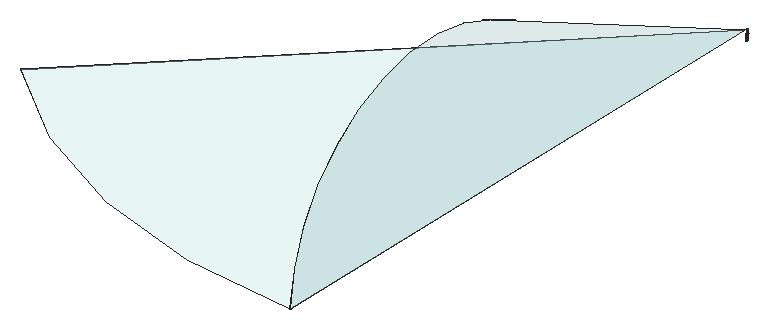
Revit family "Rotor 5000 Series - 5004+FCSAMR", category Acessórios do tubo, Revit 2020
Family settings
  Cota do conector redondo = Utilizar diâmetro
  Tipo de parte = Normal
  Número OmniClass = 23.60.30.11.14
  Título OmniClass = Pipework Fittings
  Com base no plano de trabalho = Não
  Sempre na vertical = Sim
  Corte com vazios quando carregada = Não
  Compartilhado = Não
Parameters (values of type "Rain Curtain 6.0")
  Water = Water
  URL = "https://www.rainbird.com/"
  TABLE 65 = "TABLE 65psi"
  TABLE 55 75 = "TABLE 55 75psi"
  TABLE 55 = "TABLE 55psi"
  TABLE 45 = "TABLE 45psi"
  TABLE 35 = "TABLE 35psi"
  TABLE 25 = "TABLE 25psi"
  SupportProjetos: Reviw Date = ""  # constant formula
  SupportProjetos: Reviw = "R00"  # constant formula
  SupportProjetos: Level of Detail = "LOD 300"  # constant formula
  SupportProjetos: Developed = "MICHEL SOARES MOTA"  # constant formula
  SupportProjetos: Creation Date = "07/08/2020"  # constant formula
  Side inlet = no
  Rotation Water Visibility [instance] = Pop up on  # yes
  Rotation Angle [instance] = 45.00°
  RainBird: Product Link = "https://www.rainbird.com/"
  RainBird: Description = "5004+FC-SAM-R Rotor "  # constant formula
  RainBird: Comment [instance] = ""
  RainBird: Code = ""  # constant formula
  Radius [instance] = if(and(Pressure = 25.0 psi, Instance < 25 ft), size_lookup(TABLE 25, "Radius", 0 ft, Instance), if(and(Pressure = 35.0 psi, Instance < 25 ft), size_lookup(TABLE 35, "Radius", 0 ft, Instance), if(and(Pressure = 45.0 psi, Instance < 25 ft), size_lookup(TABLE 45, "Radius", 0 ft, Instance), if(and(Pressure = 55.0 psi, Instance < 13 ft), size_lookup(TABLE 55, "Radius", 0 ft, Instance), if(and(Pressure = 65.0 psi, Instance < 13 ft), size_lookup(TABLE 65, "Radius", 0 ft, Instance), if(and(Pressure > 55.0 psi, Instance > 13 ft), size_lookup(TABLE 55 75, "Radius", 0 ft, Instance), 0 ft))))))  # 50 ft
  RT = 0.009893 ft
  RN = 0.032808 ft
  R5 = 0.03937 ft
  R4 = 0.04101 ft
  R3 = 0.065617 ft
  R2 = 0.075407 ft
  R1 = 0.032808 ft
  Pressure [instance] = 55.0 psi
  Pop up height = 0.334646 ft
  Pop up on [instance] = yes
  Modelo = "5004+FCSAMR"  # constant formula
  Instance = 7 ft
  H1 = Body height / 3  # 0.194663 ft
  Flow [instance] = if(and(Pressure = 25.0 psi, Instance < 25 ft), size_lookup(TABLE 25, "Flow", 0.0 GPM, Instance), if(and(Pressure = 35.0 psi, Instance < 25 ft), size_lookup(TABLE 35, "Flow", 0.0 GPM, Instance), if(and(Pressure = 45.0 psi, Instance < 25 ft), size_lookup(TABLE 45, "Flow", 0.0 GPM, Instance), if(and(Pressure = 55.0 psi, Instance < 13 ft), size_lookup(TABLE 55, "Flow", 0.0 GPM, Instance), if(and(Pressure = 65.0 psi, Instance < 13 ft), size_lookup(TABLE 65, "Flow", 0.0 GPM, Instance), if(and(Pressure > 55.0 psi, Instance > 13 ft), size_lookup(TABLE 55 75, "Flow", 0.0 GPM, Instance), 0.0 GPM))))))  # 6.63 GPM
  Fabricante = "Rain Bird"
  Elevação padrão = 0 ft
  Description = RainBird: Description  # "5004+FC-SAM-R Rotor "
  DD13 = 0.002625 ft
  DD12 = 0.003937 ft
  DD11 = 0.009897 ft
  DD10 = 0.016404 ft
  DD8 [instance] = if(Pop up on, Pop up height, 0 ft)  # 0.334646 ft
  DD7 = 0.019685 ft
  DD6 [instance] = 0.016404 ft
  DD5 = 0.065617 ft
  DD4 = 0.032808 ft
  DD3 = 0.091048 ft
  DD2 [instance] = 0.024514 ft
  DD9 [instance] = if(Pop up on, Pop up height + 0.049541 ft, 0 ft)  # 0.384186 ft
  DD1 = 0.006562 ft
  Conection = 0.062664 ft  # constant formula
  Body height = 0.58399 ft
  Blue = Blue Plastic
  Black Plastic = Black Plastic
  Angle = 25.00°
Types (25, lengths in ft): name | Rotation Angle | Radius | Pressure | Instance | Flow
  (no name) | 45.00° | 50 | 55.0 psi | 7 | 6.63 GPM
  Rain Curtain 1.5 | 180.00° | 33 | 25.0 psi | 1 | 1.12 GPM
  Rain Curtain 2.0 | 180.00° | 35 | 25.0 psi | 2 | 1.5 GPM
  Rain Curtain 3.0 | 180.00° | 36 | 25.0 psi | 4 | 2.26 GPM
  Rain Curtain 4.0 | 180.00° | 36 | 25.0 psi | 5 | 2.91 GPM
  Rain Curtain 5.0 | 180.00° | 37 | 25.0 psi | 6 | 3.72 GPM
  Rain Curtain 6.0 | 45.00° | 50 | 55.0 psi | 7 | 6.63 GPM
  Rain Curtain 8.0 | 180.00° | 33 | 25.0 psi | 8 | 5.9 GPM
  Rain Curtain 2.5 | 180.00° | 35 | 25.0 psi | 3 | 1.81 GPM
  1.0 LA | 180.00° | 25 | 25.0 psi | 9 | 0.76 GPM
  1.5 LA | 180.00° | 27 | 25.0 psi | 10 | 1.15 GPM
  2.0 LA | 180.00° | 29 | 25.0 psi | 11 | 1.47 GPM
  3.0 LA | 180.00° | 29 | 25.0 psi | 12 | 2.23 GPM
  PRS Rain Curtain 1.5 | 180.00° | 33 | 25.0 psi | 13 | 1.12 GPM
  PRS Rain Curtain 2.0 | 180.00° | 35 | 25.0 psi | 14 | 1.5 GPM
  PRS Rain Curtain 2.5 | 180.00° | 35 | 25.0 psi | 15 | 1.81 GPM
  PRS Rain Curtain 3.0 | 180.00° | 36 | 25.0 psi | 16 | 2.26 GPM
  PRS Rain Curtain 4.0 | 180.00° | 36 | 25.0 psi | 17 | 2.91 GPM
  PRS Rain Curtain 5.0 | 180.00° | 37 | 25.0 psi | 18 | 3.72 GPM
  PRS Rain Curtain 6.0 | 180.00° | 37 | 25.0 psi | 19 | 4.25 GPM
  PRS Rain Curtain 8.0 | 180.00° | 33 | 25.0 psi | 20 | 5.9 GPM
  PRS 1.0 LA | 180.00° | 25 | 25.0 psi | 21 | 0.76 GPM
  PRS 1.5 LA | 180.00° | 27 | 25.0 psi | 22 | 1.15 GPM
  PRS 2.0 LA | 180.00° | 29 | 25.0 psi | 23 | 1.47 GPM
  PRS 3.0 LA | 180.00° | 29 | 25.0 psi | 24 | 2.23 GPM
Reference planes (ft)
  plane 1 "Centro (Frente/Trás)": y = 0
  plane 2: z = 0
  plane 3 "Centro (Esquerda/Direita)": x = 0
  plane 4: z = 0.003937
  plane 5: z = 0.002625
  plane 6: y = -0.065617
Forms (ft)
  Revolve 1, solid, material "Black Plastic" <- "Black Plastic"
    sketch origin (0, 0, 0) x (1, 0, 0) y (0, 0, 1)
      loop
        line (0.075407, -0.091048) -> (0.075407, -0.035324)
        arc (0.075407, -0.035324) -> (0.072509, -0.028329) -> (0.065514, -0.025431) r 0.009893
        line (0.065514, -0.025431) -> (0.046098, -0.025431) -> (0.046098, 0) -> (0.03937, 0) -> (0.03937, -0.334646) -> (0.019685, -0.334646) -> (0.019685, -0.577428) -> (0.032808, -0.577428) -> (0.032808, -0.58399) -> (0.04101, -0.58399) -> (0.04101, -0.577428) -> (0.055724, -0.577428)
        arc (0.055724, -0.577428) -> (0.062719, -0.57453) -> (0.065617, -0.567535) r 0.009893
        line (0.065617, -0.567535) -> (0.065617, -0.091048) -> (0.075407, -0.091048)
      axis (0, -0.58399) -> (0, 0)
    angle from 0 to 360
  Extrusion 2, solid, material "Black Plastic" <- "Black Plastic"
    sketch origin (0, 0, 0) x (1, 0, 0) y (0, 1, 0)
      loop
        circle (0, 0) r 0.032808
    from -0.334646 to 0.334646
  Extrusion 3, void
    sketch origin (0, 0, 0) x (1, 0, 0) y (0, 1, 0)
      loop
        circle (0, 0) r 0.022844
    from -0.334646 to 0.334646
  Revolve 4, solid, material "Black Plastic" <- "Black Plastic"
    sketch origin (0, 0, 0) x (1, 0, 0) y (0, 0, 1)
      loop
        line (0, 0.334646) -> (0.037004, 0.334646) -> (0.037004, 0.344543)
        arc (0.037004, 0.344543) -> (0.01879, 0.349436) -> (0, 0.35105) r 0.10685
        line (0, 0.35105) -> (0, 0.334646)
      axis (0, 0.334646) -> (0, 0.35105)
    angle from 0 to 360
  Extrusion 5, solid, material "Blue Plastic" <- "Blue"
    sketch origin (0, 0, 0) x (1, 0, 0) y (0, 0, 1)
      loop
        circle (0, 0.310131) r 0.009129
      loop
        circle (0, 0.310131) r 0.004793
    from 0 to 0.034386
  Extrusion 6, void
    sketch origin (0, 0, 0) x (1, 0, 0) y (0, 0, 1)
      loop
        line (-0.02074, 0.328055) -> (-0.02074, 0.282426) -> (0.020672, 0.282426) -> (0.020672, 0.328055) -> (-0.02074, 0.328055)
      loop
        line (-0.018439, 0.325179) -> (-0.018439, 0.285685) -> (0.018179, 0.285685) -> (0.018179, 0.325179) -> (-0.018439, 0.325179)
    from 0.024556 to 0.06931
  Extrusion 7, solid, material "Black Plastic" <- "Black Plastic"
    sketch origin (0, 0, 0) x (1, 0, 0) y (0, 0, 1)
      loop
        line (0.046098, 0) -> (0.046098, -0.036876) -> (0.073493, -0.036876) -> (0.046098, 0)
    from -0.002998 to 0.002998
  Extrusion 8, solid, material "Black Plastic" <- "Black Plastic"
    sketch origin (0, 0, 0) x (-1, 0, 0) y (0, 0, -1)
      loop
        line (0.046098, 0) -> (0.073493, 0.036876) -> (0.046098, 0.036876) -> (0.046098, 0)
    from -0.002998 to 0.002998
  Extrusion 9, solid, material "Black Plastic" <- "Black Plastic"
    sketch origin (0, 0, 0) x (0.866025, 0.5, 0) y (0, 0, 1)
      loop
        line (0.046098, 0) -> (0.046098, -0.036876) -> (0.073493, -0.036876) -> (0.046098, 0)
    from -0.002998 to 0.002998
  Extrusion 10, solid, material "Black Plastic" <- "Black Plastic"
    sketch origin (0, 0, 0) x (-0.866025, -0.5, 0) y (0, 0, -1)
      loop
        line (0.046098, 0) -> (0.073493, 0.036876) -> (0.046098, 0.036876) -> (0.046098, 0)
    from -0.002998 to 0.002998
  Extrusion 11, solid, material "Black Plastic" <- "Black Plastic"
    sketch origin (0, 0, 0) x (0, 1, 0) y (0, 0, 1)
      loop
        line (0.046098, 0) -> (0.046098, -0.036876) -> (0.073493, -0.036876) -> (0.046098, 0)
    from -0.002998 to 0.002998
  Extrusion 12, solid, material "Black Plastic" <- "Black Plastic"
    sketch origin (0, 0, 0) x (0, -1, 0) y (0, 0, -1)
      loop
        line (0.046098, 0) -> (0.073493, 0.036876) -> (0.046098, 0.036876) -> (0.046098, 0)
    from -0.002998 to 0.002998
  Extrusion 13, solid, material "Black Plastic" <- "Black Plastic"
    sketch origin (0, 0, 0) x (0.5, 0.866025, 0) y (0, 0, 1)
      loop
        line (0.046098, 0) -> (0.046098, -0.036876) -> (0.073493, -0.036876) -> (0.046098, 0)
    from -0.002998 to 0.002998
  Extrusion 14, solid, material "Black Plastic" <- "Black Plastic"
    sketch origin (0, 0, 0) x (-0.5, -0.866025, 0) y (0, 0, -1)
      loop
        line (0.046098, 0) -> (0.073493, 0.036876) -> (0.046098, 0.036876) -> (0.046098, 0)
    from -0.002998 to 0.002998
  Extrusion 15, solid, material "Black Plastic" <- "Black Plastic"
    sketch origin (0, 0, 0) x (-0.5, 0.866025, 0) y (0, 0, 1)
      loop
        line (0.046098, 0) -> (0.046098, -0.036876) -> (0.073493, -0.036876) -> (0.046098, 0)
    from -0.002998 to 0.002998
  Extrusion 16, solid, material "Black Plastic" <- "Black Plastic"
    sketch origin (0, 0, 0) x (0.5, -0.866025, 0) y (0, 0, -1)
      loop
        line (0.046098, 0) -> (0.073493, 0.036876) -> (0.046098, 0.036876) -> (0.046098, 0)
    from -0.002998 to 0.002998
  Extrusion 17, solid, material "Black Plastic" <- "Black Plastic"
    sketch origin (0, 0, 0) x (-0.866025, 0.5, 0) y (0, 0, 1)
      loop
        line (0.046098, 0) -> (0.046098, -0.036876) -> (0.073493, -0.036876) -> (0.046098, 0)
    from -0.002998 to 0.002998
  Extrusion 18, solid, material "Black Plastic" <- "Black Plastic"
    sketch origin (0, 0, 0) x (0.866025, -0.5, 0) y (0, 0, -1)
      loop
        line (0.046098, 0) -> (0.073493, 0.036876) -> (0.046098, 0.036876) -> (0.046098, 0)
    from -0.002998 to 0.002998
  Extrusion 19, void
    sketch origin (0, 0, 0) x (1, 0, 0) y (0, 1, 0)
      loop
        line (-0.002998, 0.077702) -> (-0.002998, 0.071655) -> (0.002998, 0.071655) -> (0.002998, 0.077702) -> (-0.002998, 0.077702)
    from -0.091048 to 0.82021
  Extrusion 20, void
    sketch origin (0, 0, 0) x (1, 0, 0) y (0, 1, 0)
      loop
        line (0.002998, -0.077702) -> (0.002998, -0.071655) -> (-0.002998, -0.071655) -> (-0.002998, -0.077702) -> (0.002998, -0.077702)
    from -0.091048 to 0.82021
  Extrusion 21, void
    sketch origin (0, 0, 0) x (0.965926, 0.258819, 0) y (-0.258819, 0.965926, 0)
      loop
        line (-0.002998, 0.077702) -> (-0.002998, 0.071655) -> (0.002998, 0.071655) -> (0.002998, 0.077702) -> (-0.002998, 0.077702)
    from -0.091048 to 0.82021
  Extrusion 22, void
    sketch origin (0, 0, 0) x (0.965926, 0.258819, 0) y (-0.258819, 0.965926, 0)
      loop
        line (0.002998, -0.077702) -> (0.002998, -0.071655) -> (-0.002998, -0.071655) -> (-0.002998, -0.077702) -> (0.002998, -0.077702)
    from -0.091048 to 0.82021
  Extrusion 23, void
    sketch origin (0, 0, 0) x (0.866025, 0.5, 0) y (-0.5, 0.866025, 0)
      loop
        line (-0.002998, 0.077702) -> (-0.002998, 0.071655) -> (0.002998, 0.071655) -> (0.002998, 0.077702) -> (-0.002998, 0.077702)
    from -0.091048 to 0.82021
  Extrusion 24, void
    sketch origin (0, 0, 0) x (0.866025, 0.5, 0) y (-0.5, 0.866025, 0)
      loop
        line (0.002998, -0.077702) -> (0.002998, -0.071655) -> (-0.002998, -0.071655) -> (-0.002998, -0.077702) -> (0.002998, -0.077702)
    from -0.091048 to 0.82021
  Extrusion 25, void
    sketch origin (0, 0, 0) x (0.5, 0.866025, 0) y (-0.866025, 0.5, 0)
      loop
        line (-0.002998, 0.077702) -> (-0.002998, 0.071655) -> (0.002998, 0.071655) -> (0.002998, 0.077702) -> (-0.002998, 0.077702)
    from -0.091048 to 0.82021
  Extrusion 26, void
    sketch origin (0, 0, 0) x (0.5, 0.866025, 0) y (-0.866025, 0.5, 0)
      loop
        line (0.002998, -0.077702) -> (0.002998, -0.071655) -> (-0.002998, -0.071655) -> (-0.002998, -0.077702) -> (0.002998, -0.077702)
    from -0.091048 to 0.82021
  Extrusion 27, void
    sketch origin (0, 0, 0) x (0.707107, 0.707107, 0) y (-0.707107, 0.707107, 0)
      loop
        line (-0.002998, 0.077702) -> (-0.002998, 0.071655) -> (0.002998, 0.071655) -> (0.002998, 0.077702) -> (-0.002998, 0.077702)
    from -0.091048 to 0.82021
  Extrusion 28, void
    sketch origin (0, 0, 0) x (0.707107, 0.707107, 0) y (-0.707107, 0.707107, 0)
      loop
        line (0.002998, -0.077702) -> (0.002998, -0.071655) -> (-0.002998, -0.071655) -> (-0.002998, -0.077702) -> (0.002998, -0.077702)
    from -0.091048 to 0.82021
  Extrusion 29, void
    sketch origin (0, 0, 0) x (0.258819, 0.965926, 0) y (-0.965926, 0.258819, 0)
      loop
        line (-0.002998, 0.077702) -> (-0.002998, 0.071655) -> (0.002998, 0.071655) -> (0.002998, 0.077702) -> (-0.002998, 0.077702)
    from -0.091048 to 0.82021
  Extrusion 30, void
    sketch origin (0, 0, 0) x (0.258819, 0.965926, 0) y (-0.965926, 0.258819, 0)
      loop
        line (0.002998, -0.077702) -> (0.002998, -0.071655) -> (-0.002998, -0.071655) -> (-0.002998, -0.077702) -> (0.002998, -0.077702)
    from -0.091048 to 0.82021
  Extrusion 31, void
    sketch origin (0, 0, 0) x (0, 1, 0) y (-1, 0, 0)
      loop
        line (-0.002998, 0.077702) -> (-0.002998, 0.071655) -> (0.002998, 0.071655) -> (0.002998, 0.077702) -> (-0.002998, 0.077702)
    from -0.091048 to 0.82021
  Extrusion 32, void
    sketch origin (0, 0, 0) x (0, 1, 0) y (-1, 0, 0)
      loop
        line (0.002998, -0.077702) -> (0.002998, -0.071655) -> (-0.002998, -0.071655) -> (-0.002998, -0.077702) -> (0.002998, -0.077702)
    from -0.091048 to 0.82021
  Extrusion 33, void
    sketch origin (0, 0, 0) x (-0.258819, 0.965926, 0) y (-0.965926, -0.258819, 0)
      loop
        line (-0.002998, 0.077702) -> (-0.002998, 0.071655) -> (0.002998, 0.071655) -> (0.002998, 0.077702) -> (-0.002998, 0.077702)
    from -0.091048 to 0.82021
  Extrusion 34, void
    sketch origin (0, 0, 0) x (-0.258819, 0.965926, 0) y (-0.965926, -0.258819, 0)
      loop
        line (0.002998, -0.077702) -> (0.002998, -0.071655) -> (-0.002998, -0.071655) -> (-0.002998, -0.077702) -> (0.002998, -0.077702)
    from -0.091048 to 0.82021
  Extrusion 35, void
    sketch origin (0, 0, 0) x (-0.5, 0.866025, 0) y (-0.866025, -0.5, 0)
      loop
        line (-0.002998, 0.077702) -> (-0.002998, 0.071655) -> (0.002998, 0.071655) -> (0.002998, 0.077702) -> (-0.002998, 0.077702)
    from -0.091048 to 0.82021
  Extrusion 36, void
    sketch origin (0, 0, 0) x (-0.5, 0.866025, 0) y (-0.866025, -0.5, 0)
      loop
        line (0.002998, -0.077702) -> (0.002998, -0.071655) -> (-0.002998, -0.071655) -> (-0.002998, -0.077702) -> (0.002998, -0.077702)
    from -0.091048 to 0.82021
  Extrusion 37, void
    sketch origin (0, 0, 0) x (-0.707107, 0.707107, 0) y (-0.707107, -0.707107, 0)
      loop
        line (-0.002998, 0.077702) -> (-0.002998, 0.071655) -> (0.002998, 0.071655) -> (0.002998, 0.077702) -> (-0.002998, 0.077702)
    from -0.091048 to 0.82021
  Extrusion 38, void
    sketch origin (0, 0, 0) x (-0.707107, 0.707107, 0) y (-0.707107, -0.707107, 0)
      loop
        line (0.002998, -0.077702) -> (0.002998, -0.071655) -> (-0.002998, -0.071655) -> (-0.002998, -0.077702) -> (0.002998, -0.077702)
    from -0.091048 to 0.82021
  Extrusion 39, void
    sketch origin (0, 0, 0) x (-0.866025, 0.5, 0) y (-0.5, -0.866025, 0)
      loop
        line (-0.002998, 0.077702) -> (-0.002998, 0.071655) -> (0.002998, 0.071655) -> (0.002998, 0.077702) -> (-0.002998, 0.077702)
    from -0.091048 to 0.82021
  Extrusion 40, void
    sketch origin (0, 0, 0) x (-0.866025, 0.5, 0) y (-0.5, -0.866025, 0)
      loop
        line (0.002998, -0.077702) -> (0.002998, -0.071655) -> (-0.002998, -0.071655) -> (-0.002998, -0.077702) -> (0.002998, -0.077702)
    from -0.091048 to 0.82021
  Extrusion 41, void
    sketch origin (0, 0, 0) x (-0.965926, 0.258819, 0) y (-0.258819, -0.965926, 0)
      loop
        line (-0.002998, 0.077702) -> (-0.002998, 0.071655) -> (0.002998, 0.071655) -> (0.002998, 0.077702) -> (-0.002998, 0.077702)
    from -0.091048 to 0.82021
  Extrusion 42, void
    sketch origin (0, 0, 0) x (-0.965926, 0.258819, 0) y (-0.258819, -0.965926, 0)
      loop
        line (0.002998, -0.077702) -> (0.002998, -0.071655) -> (-0.002998, -0.071655) -> (-0.002998, -0.077702) -> (0.002998, -0.077702)
    from -0.091048 to 0.82021
  Extrusion 43, solid, material "Water" <- "Water", visible <- "Rotation Water Visibility"
    sketch origin (0, 0, 0) x (0, 1, 0) y (0, 0, 1)
      loop
        line (-0.032808, 0.310131) -> (-28.112196, 13.403765)
        arc (-28.112196, 13.403765) -> (-42.542576, 12.666347) -> (-50.032808, 0.310131) r 15.426605
        line (-50.032808, 0.310131) -> (-0.032808, 0.310131)
    from -0.008202 to 0.008202
Cuts and joins
  Extrusion 3, Extrusion 6 cuts Extrusion 2
  Extrusion 19, Extrusion 20, Extrusion 21, Extrusion 22, Extrusion 23, Extrusion 24, Extrusion 25, Extrusion 26, Extrusion 27, Extrusion 28, Extrusion 29, Extrusion 30, Extrusion 31, Extrusion 32, Extrusion 33, Extrusion 34, Extrusion 35, Extrusion 36, Extrusion 37, Extrusion 38, Extrusion 39, Extrusion 40, Extrusion 41, Extrusion 42 cuts Revolve 1
Dimensions and locks (ft)
  "Body height": level to Revolve 1 sketch curve
  "R2": Revolve 1 sketch curve to plane 3 "Centro (Esquerda/Direita)"
  "DD1": Revolve 1 sketch curve to Revolve 1 sketch curve
  "DD3": level to Revolve 1 sketch curve
  Revolve 1 sketch curve to plane 3 "Centro (Esquerda/Direita)" = 0.065617 ft
  "R4": Revolve 1 sketch curve to plane 3 "Centro (Esquerda/Direita)"
  "RN": Revolve 1 sketch curve to plane 3 "Centro (Esquerda/Direita)"
  "Pop up height": level to Revolve 1 sketch curve
  "R5": plane 3 "Centro (Esquerda/Direita)" to Revolve 1 sketch curve
  "DD7": Revolve 1 sketch curve to plane 3 "Centro (Esquerda/Direita)"
  "DD8": Extrusion 2 to level
  "DD12": plane 4 to level
  "DD13": plane 5 to level
  "R3": plane 6 to plane 1 "Centro (Frente/Trás)"
  "DD5": Revolve 1 sketch curve to Revolve 1 sketch curve
  "DD10": Revolve 4 sketch curve to Revolve 4 sketch curve
  "DD11": Revolve 4 sketch curve to Revolve 4 sketch curve
  "DD2": Revolve 4 to Extrusion 5 sketch curve  (x2)
  Extrusion 7 to plane 3 "Centro (Esquerda/Direita)" = 0.046098 ft
  equal spacing: Extrusion 7, plane 1 "Centro (Frente/Trás)", Extrusion 7
  Extrusion 8 to Extrusion 8 = 0.005995 ft
  Extrusion 9 to Extrusion 9 = 0.005995 ft
  Extrusion 20 sketch curve to Extrusion 20 sketch curve = 0.005995 ft
  Extrusion 22 sketch curve to Extrusion 22 sketch curve = 0.005995 ft
  Extrusion 24 sketch curve to Extrusion 24 sketch curve = 0.005995 ft
  Extrusion 26 sketch curve to Extrusion 26 sketch curve = 0.005995 ft
  Extrusion 28 sketch curve to Extrusion 28 sketch curve = 0.005995 ft
  Extrusion 30 sketch curve to Extrusion 30 sketch curve = 0.005995 ft
  Extrusion 32 sketch curve to Extrusion 32 sketch curve = 0.005995 ft
  Extrusion 34 sketch curve to Extrusion 34 sketch curve = 0.005995 ft
  Extrusion 36 sketch curve to Extrusion 36 sketch curve = 0.005995 ft
  Extrusion 38 sketch curve to Extrusion 38 sketch curve = 0.005995 ft
  Extrusion 40 sketch curve to Extrusion 40 sketch curve = 0.005995 ft
  Extrusion 42 sketch curve to Extrusion 42 sketch curve = 0.005995 ft
  "DD4": plane 1 "Centro (Frente/Trás)" to Extrusion 43 sketch curve
  "DD2": Revolve 4 to Extrusion 43 sketch curve
  "Radius": Extrusion 43 sketch curve to Extrusion 43 sketch curve
  equal spacing: Extrusion 43, plane 3 "Centro (Esquerda/Direita)", Extrusion 43
  "DD6": Extrusion 43 to Extrusion 43
  "DD2": Revolve 4 to nested 1
  "RT": radius of Revolve 1 sketch curve  (x2)
  "R1": radius of Extrusion 2 sketch curve
  "Angle": angle Extrusion 43 sketch curve to Extrusion 43 sketch curve
  aligned and locked: level to plane 2
  aligned and locked: Revolve 1 sketch curve to Revolve 1 sketch curve
  aligned and locked: Extrusion 2 to Revolve 1
  aligned and locked: cut or joined group of Extrusion 2, Extrusion 3, Extrusion 6 to cut or joined group of Extrusion 2, Extrusion 3, Extrusion 6  (x2)
  aligned and locked: Revolve 4 sketch curve to cut or joined group of Extrusion 2, Extrusion 3, Extrusion 6
  aligned and locked: Extrusion 20 to Revolve 1
  aligned and locked: Extrusion 22 to Revolve 1
  aligned and locked: Extrusion 24 to Revolve 1
  aligned and locked: Extrusion 28 to Revolve 1
  aligned and locked: Extrusion 26 to Revolve 1
  aligned and locked: Extrusion 30 to Revolve 1
  aligned and locked: Extrusion 32 to Revolve 1
  aligned and locked: Extrusion 34 to Revolve 1
  aligned and locked: Revolve 1 to Extrusion 36
  aligned and locked: Revolve 1 to Extrusion 38
  aligned and locked: Extrusion 41 to Revolve 1
  aligned and locked: Extrusion 39 to Revolve 1
  aligned and locked: Extrusion 37 to Revolve 1
  aligned and locked: Extrusion 35 to Revolve 1
  aligned and locked: Extrusion 33 to Revolve 1
  aligned and locked: Extrusion 31 to Revolve 1
  aligned and locked: Extrusion 29 to Revolve 1
  aligned and locked: Revolve 1 to Extrusion 25
  aligned and locked: Revolve 1 to Extrusion 27
  aligned and locked: Revolve 1 to Extrusion 19
  aligned and locked: Revolve 1 to Extrusion 21
  aligned and locked: Revolve 1 to Extrusion 42
  aligned and locked: Revolve 1 to Extrusion 40
  aligned and locked: Revolve 1 to Extrusion 23
Automatic sketch dimensions
  plane 1 "Centro (Frente/Trás)" to Extrusion 2 sketch curve = 0 ft
  Extrusion 2 sketch curve to plane 3 "Centro (Esquerda/Direita)" = 0 ft
  plane 1 "Centro (Frente/Trás)" to Extrusion 3 sketch curve = 0 ft
  Extrusion 3 sketch curve to plane 3 "Centro (Esquerda/Direita)" = 0 ft
  Revolve 4 sketch curve to plane 3 "Centro (Esquerda/Direita)" = 0 ft  (x2)
  plane 3 "Centro (Esquerda/Direita)" to Revolve 4 sketch curve = 0.000284 ft
  plane 3 "Centro (Esquerda/Direita)" to Revolve 4 sketch curve = 0.037004 ft
  Revolve 4 sketch curve to Revolve 4 sketch curve = 0.015719 ft
  Revolve 4 sketch curve to Revolve 4 sketch curve = 0.114829 ft
  Extrusion 5 sketch curve to Extrusion 5 sketch curve = 0 ft
  Extrusion 5 sketch curve to plane 3 "Centro (Esquerda/Direita)" = 0 ft
  Extrusion 6 sketch curve to plane 3 "Centro (Esquerda/Direita)" = 0.02074 ft
  Extrusion 6 sketch curve to Extrusion 6 sketch curve = 0.002301 ft
  plane 3 "Centro (Esquerda/Direita)" to Extrusion 6 sketch curve = 0.018179 ft
  Extrusion 6 sketch curve to Extrusion 6 sketch curve = 0.002492 ft
  plane 4 to Extrusion 6 sketch curve = 0.278489 ft
  Extrusion 6 sketch curve to Extrusion 6 sketch curve = 0.003259 ft
  Extrusion 6 sketch curve to Extrusion 6 sketch curve = 0.039494 ft
  Extrusion 6 sketch curve to Extrusion 6 sketch curve = 0.002876 ft
  Extrusion 7 sketch curve to level = 0 ft
  plane 3 "Centro (Esquerda/Direita)" to Extrusion 7 sketch curve = 0.046098 ft
  Extrusion 7 sketch curve to Extrusion 7 sketch curve = 0.027396 ft
  Extrusion 7 sketch curve to Extrusion 7 sketch curve = 0.036876 ft
  Extrusion 8 sketch curve to level = 0 ft
  plane 3 "Centro (Esquerda/Direita)" to Extrusion 8 sketch curve = 0.046098 ft
  Extrusion 8 sketch curve to Extrusion 8 sketch curve = 0.027396 ft
  Extrusion 8 sketch curve to Extrusion 8 sketch curve = 0.036876 ft
  Extrusion 9 sketch curve to level = 0 ft
  Extrusion 9 sketch curve to level = 0.036876 ft
  Extrusion 9 sketch curve to Extrusion 9 sketch curve = 0.027396 ft
  Extrusion 10 sketch curve to level = 0 ft
  Extrusion 10 sketch curve to level = 0.036876 ft
  Extrusion 10 sketch curve to Extrusion 10 sketch curve = 0.027396 ft
  Extrusion 11 sketch curve to level = 0 ft
  Extrusion 11 sketch curve to plane 1 "Centro (Frente/Trás)" = 0.046098 ft
  Extrusion 11 sketch curve to Extrusion 11 sketch curve = 0.027396 ft
  Extrusion 11 sketch curve to Extrusion 11 sketch curve = 0.036876 ft
  Extrusion 12 sketch curve to level = 0 ft
  plane 6 to Extrusion 12 sketch curve = 0.019519 ft
  Extrusion 12 sketch curve to plane 6 = 0.007877 ft
  Extrusion 12 sketch curve to level = 0.036876 ft
  Extrusion 13 sketch curve to level = 0 ft
  Extrusion 13 sketch curve to level = 0.036876 ft
  Extrusion 13 sketch curve to Extrusion 13 sketch curve = 0.027396 ft
  Extrusion 14 sketch curve to level = 0 ft
  Extrusion 14 sketch curve to level = 0.036876 ft
  Extrusion 14 sketch curve to Extrusion 14 sketch curve = 0.027396 ft
  level to Extrusion 15 sketch curve = 0 ft
  Extrusion 15 sketch curve to level = 0.036876 ft
  Extrusion 15 sketch curve to Extrusion 15 sketch curve = 0.027396 ft
  level to Extrusion 16 sketch curve = 0 ft
  Extrusion 16 sketch curve to level = 0.036876 ft
  Extrusion 16 sketch curve to Extrusion 16 sketch curve = 0.027396 ft
  level to Extrusion 17 sketch curve = 0 ft
  Extrusion 17 sketch curve to level = 0.036876 ft
  Extrusion 17 sketch curve to Extrusion 17 sketch curve = 0.027396 ft
  level to Extrusion 18 sketch curve = 0 ft
  Extrusion 18 sketch curve to level = 0.036876 ft
  Extrusion 18 sketch curve to Extrusion 18 sketch curve = 0.027396 ft
  Extrusion 19 sketch curve to plane 3 "Centro (Esquerda/Direita)" = 0.002998 ft
  Extrusion 19 sketch curve to plane 1 "Centro (Frente/Trás)" = 0.071655 ft
  Extrusion 19 sketch curve to Extrusion 19 sketch curve = 0.006047 ft
  plane 3 "Centro (Esquerda/Direita)" to Extrusion 20 sketch curve = 0.002998 ft
  plane 6 to Extrusion 20 sketch curve = 0.006038 ft
  Extrusion 20 sketch curve to Extrusion 20 sketch curve = 0.006047 ft
  plane 3 "Centro (Esquerda/Direita)" to Extrusion 19 sketch curve = 0.002998 ft
  Extrusion 21 sketch curve to plane 3 "Centro (Esquerda/Direita)" = 0.021441 ft
  Extrusion 21 sketch curve to plane 1 "Centro (Frente/Trás)" = 0.068438 ft
  Extrusion 21 sketch curve to Extrusion 21 sketch curve = 0.005995 ft
  Extrusion 21 sketch curve to Extrusion 21 sketch curve = 0.006047 ft
  Extrusion 22 sketch curve to plane 6 = 0.010213 ft
  plane 3 "Centro (Esquerda/Direita)" to Extrusion 22 sketch curve = 0.017215 ft
  Extrusion 22 sketch curve to Extrusion 22 sketch curve = 0.006047 ft
  Extrusion 23 sketch curve to plane 3 "Centro (Esquerda/Direita)" = 0.038424 ft
  Extrusion 23 sketch curve to plane 1 "Centro (Frente/Trás)" = 0.060556 ft
  Extrusion 23 sketch curve to Extrusion 23 sketch curve = 0.005995 ft
  Extrusion 23 sketch curve to Extrusion 23 sketch curve = 0.006047 ft
  Extrusion 24 sketch curve to plane 6 = 0.003174 ft
  plane 3 "Centro (Esquerda/Direita)" to Extrusion 24 sketch curve = 0.036255 ft
  Extrusion 24 sketch curve to Extrusion 24 sketch curve = 0.006047 ft
  Extrusion 25 sketch curve to plane 1 "Centro (Frente/Trás)" = 0.033231 ft
  Extrusion 25 sketch curve to plane 3 "Centro (Esquerda/Direita)" = 0.063554 ft
  Extrusion 25 sketch curve to Extrusion 25 sketch curve = 0.005995 ft
  Extrusion 25 sketch curve to Extrusion 25 sketch curve = 0.006047 ft
  Extrusion 26 sketch curve to plane 6 = 0.02417 ft
  Extrusion 26 sketch curve to plane 3 "Centro (Esquerda/Direita)" = 0.065793 ft
  Extrusion 26 sketch curve to Extrusion 26 sketch curve = 0.006047 ft
  Extrusion 27 sketch curve to plane 1 "Centro (Frente/Trás)" = 0.048548 ft
  Extrusion 27 sketch curve to plane 3 "Centro (Esquerda/Direita)" = 0.052787 ft
  Extrusion 27 sketch curve to Extrusion 27 sketch curve = 0.005995 ft
  Extrusion 27 sketch curve to Extrusion 27 sketch curve = 0.006047 ft
  plane 6 to Extrusion 28 sketch curve = 0.008554 ft
  plane 3 "Centro (Esquerda/Direita)" to Extrusion 28 sketch curve = 0.052824 ft
  Extrusion 28 sketch curve to Extrusion 28 sketch curve = 0.006047 ft
  Extrusion 29 sketch curve to plane 1 "Centro (Frente/Trás)" = 0.01565 ft
  Extrusion 29 sketch curve to plane 3 "Centro (Esquerda/Direita)" = 0.069989 ft
  Extrusion 29 sketch curve to Extrusion 29 sketch curve = 0.005995 ft
  Extrusion 29 sketch curve to Extrusion 29 sketch curve = 0.006047 ft
  plane 1 "Centro (Frente/Trás)" to Extrusion 30 sketch curve = 0.023006 ft
  plane 3 "Centro (Esquerda/Direita)" to Extrusion 30 sketch curve = 0.074278 ft
  Extrusion 30 sketch curve to Extrusion 30 sketch curve = 0.006047 ft
  plane 1 "Centro (Frente/Trás)" to Extrusion 31 sketch curve = 0.002998 ft
  Extrusion 31 sketch curve to plane 1 "Centro (Frente/Trás)" = 0.002998 ft
  Extrusion 31 sketch curve to plane 3 "Centro (Esquerda/Direita)" = 0.071655 ft
  Extrusion 31 sketch curve to Extrusion 31 sketch curve = 0.006047 ft
  plane 1 "Centro (Frente/Trás)" to Extrusion 32 sketch curve = 0.002998 ft
  plane 3 "Centro (Esquerda/Direita)" to Extrusion 32 sketch curve = 0.077702 ft
  Extrusion 32 sketch curve to Extrusion 32 sketch curve = 0.006047 ft
  plane 1 "Centro (Frente/Trás)" to Extrusion 33 sketch curve = 0.021441 ft
  Extrusion 33 sketch curve to plane 3 "Centro (Esquerda/Direita)" = 0.068438 ft
  Extrusion 33 sketch curve to Extrusion 33 sketch curve = 0.005995 ft
  Extrusion 33 sketch curve to Extrusion 33 sketch curve = 0.006047 ft
  Extrusion 34 sketch curve to plane 1 "Centro (Frente/Trás)" = 0.017215 ft
  plane 3 "Centro (Esquerda/Direita)" to Extrusion 34 sketch curve = 0.07583 ft
  Extrusion 34 sketch curve to Extrusion 34 sketch curve = 0.006047 ft
  plane 6 to Extrusion 35 sketch curve = 0.027193 ft
  Extrusion 35 sketch curve to plane 3 "Centro (Esquerda/Direita)" = 0.060556 ft
  Extrusion 35 sketch curve to Extrusion 35 sketch curve = 0.005995 ft
  Extrusion 35 sketch curve to Extrusion 35 sketch curve = 0.006047 ft
  Extrusion 36 sketch curve to plane 1 "Centro (Frente/Trás)" = 0.036255 ft
  plane 3 "Centro (Esquerda/Direita)" to Extrusion 36 sketch curve = 0.068791 ft
  Extrusion 36 sketch curve to Extrusion 36 sketch curve = 0.006047 ft
  plane 6 to Extrusion 37 sketch curve = 0.012829 ft
  Extrusion 37 sketch curve to plane 3 "Centro (Esquerda/Direita)" = 0.048548 ft
  Extrusion 37 sketch curve to Extrusion 37 sketch curve = 0.005995 ft
  Extrusion 37 sketch curve to Extrusion 37 sketch curve = 0.006047 ft
  Extrusion 38 sketch curve to plane 1 "Centro (Frente/Trás)" = 0.052824 ft
  plane 3 "Centro (Esquerda/Direita)" to Extrusion 38 sketch curve = 0.057063 ft
  Extrusion 38 sketch curve to Extrusion 38 sketch curve = 0.006047 ft
  plane 6 to Extrusion 39 sketch curve = 0.002063 ft
  Extrusion 39 sketch curve to plane 3 "Centro (Esquerda/Direita)" = 0.033231 ft
  Extrusion 39 sketch curve to Extrusion 39 sketch curve = 0.005995 ft
  Extrusion 39 sketch curve to Extrusion 39 sketch curve = 0.006047 ft
  plane 3 "Centro (Esquerda/Direita)" to Extrusion 40 sketch curve = 0.041447 ft
  Extrusion 40 sketch curve to plane 1 "Centro (Frente/Trás)" = 0.065793 ft
  Extrusion 40 sketch curve to Extrusion 40 sketch curve = 0.006047 ft
  Extrusion 41 sketch curve to plane 6 = 0.004372 ft
  Extrusion 41 sketch curve to plane 3 "Centro (Esquerda/Direita)" = 0.01565 ft
  Extrusion 41 sketch curve to Extrusion 41 sketch curve = 0.005995 ft
  Extrusion 41 sketch curve to Extrusion 41 sketch curve = 0.006047 ft
  plane 3 "Centro (Esquerda/Direita)" to Extrusion 42 sketch curve = 0.023006 ft
  Extrusion 42 sketch curve to plane 1 "Centro (Frente/Trás)" = 0.074278 ft
  Extrusion 42 sketch curve to Extrusion 42 sketch curve = 0.006047 ft
  Revolve 1 sketch curve to plane 3 "Centro (Esquerda/Direita)" = 0 ft
  Revolve 1 sketch curve to level = 0 ft
  Revolve 1 sketch curve to Revolve 1 sketch curve = 0.019416 ft
  plane 4 to Revolve 1 sketch curve = 0.079347 ft
  Revolve 1 sketch curve to Revolve 1 sketch curve = 0.918635 ft
  Extrusion 43 sketch curve to level = 0.577487 ft
  radius of Extrusion 3 sketch curve = 0.022844 ft
  radius of Extrusion 5 sketch curve = 0.009129 ft
  radius of Extrusion 5 sketch curve = 0.004793 ft
Nested families (ft)
  nested 1: "Water" at (0.000194, 0, 0.190874) x (0, -1, 0) z (0, 0, 1), DT9 <- "DD4", Radius <- "Radius", visible <- "Rotation Water Visibility", Rotation Angle <- "Rotation Angle", type "Water"
    with Rotation Angle 45.00°, Radius 50 ft, DT9 0.032808 ft, DT8 0 ft, DT7 200 ft, DT4 250 ft, Angle 2 315.00°
Connectors (ft)
  piping at (0, 0, -0.58399), diameter 2
    settings: on cut or joined group of Revolve 1, Extrusion 19, Extrusion 20, Extrusion 21, Extrusion 22, Extrusion 23, Extrusion 24, Extrusion 25, Extrusion 26, Extrusion 27, Extrusion 28, Extrusion 29, Extrusion 30, Extrusion 31, Extrusion 32, Extrusion 33, Extrusion 34, Extrusion 35, Extrusion 36, Extrusion 37, Extrusion 38, Extrusion 39, Extrusion 40, Extrusion 41, Extrusion 42, index 1, connector inside diameter 609.6 mm, connector length 0 ft, flow factor 0, pipe flow 0.0 GPM, pressure drop 0.0 psi, fitting loss kfactor 0, connector angle 0.00°, fixture units 0, engagement length 0 ft, angle of deflection 0.00°, flow configuration 0, flow direction 0, fitting loss method 0, system type 28, joint type 0, gender type 0, connector reference index -1, connector utility 0, adjustable connector no, is connector primary yes, connector description ""
Definition of nested family "Water"
  Parameters (values of type "Water")
    Water Visibility (Circle) = yes
    Water = none
    URL = ""
    SupportProjetos: Reviw Date = ""  # constant formula
    SupportProjetos: Level of Detail = "LOD 300"  # constant formula
    SupportProjetos: Developed = "MICHEL SOARES MOTA"  # constant formula
    SupportProjetos: Creation Date = "16/07/2020"  # constant formula
    Rotation Angle [instance] = 90.00°
    Reviw = "R00"  # constant formula
    Radius [instance] = 14 ft
    Model = ""
    Default Elevation = 4 ft
    Description = ""
    DT9 [instance] = 0.032808 ft
    DT8 [instance] = if(Rotation Angle = 360.00°, 10 ft, 0 ft)  # 0 ft
    DT7 [instance] = 4 * Radius  # 56 ft
    DT4 [instance] = 5 * Radius  # 70 ft
    DT2 = 0.098425 ft  # constant formula
    DT6 = 0 ft
    Angle 2 [instance] = if(Rotation Angle = 360.00°, 180.00°, 360.00° - Rotation Angle)  # 270.00°
  Reference planes (ft)
    plane 1 "Centro (Frente/Trás)": y = 0
    plane 2: z = 0
    plane 3 "Centro (Esquerda/Direita)": x = 0
  Forms (ft)
    Revolve 1, solid, material <- "Water", visible <- "Water Visibility (Circle)"
      sketch origin (0, 0, 0) x (1, 0, 0) y (0, 0, 1)
        loop
          line (0.032808, 0.098425) -> (14.032808, 0.098425) -> (14.032808, 0.119259) -> (0.032808, 0.119259) -> (0.032808, 0.098425)
        axis (0, 0.098425) -> (0, 0.119259)
      angle from 0 to 360
    Extrusion 2, void
      sketch origin (0, 0, 0) x (1, 0, 0) y (0, 1, 0)
        loop
          line (0, 0) -> (70, 0) -> (70, 56)
          arc (70, 56) -> (-70.459018, 51.588344) -> (0, -70) r 81.847109
          line (0, -70) -> (0, 0)
      from 0 to 15.189231
  Cuts and joins
    Extrusion 2 cuts Revolve 1
  Dimensions and locks (ft)
    "DT2": Revolve 1 sketch curve to level
    "DT4": Extrusion 2 sketch curve to Extrusion 2 sketch curve  (x2)
    "DT6": Extrusion 2 sketch curve to plane 3 "Centro (Esquerda/Direita)"
    "DT7": Extrusion 2 sketch curve to Extrusion 2 sketch curve
    "DT8": cut or joined group of Revolve 1, Extrusion 2 to level
    "Radius": Revolve 1 sketch curve to Revolve 1 sketch curve
    "DT9": Revolve 1 sketch curve to plane 3 "Centro (Esquerda/Direita)"
    "Angle 2": angle Extrusion 2 sketch curve to Extrusion 2 sketch curve
    aligned and locked: level to plane 2
    aligned and locked: plane 1 "Centro (Frente/Trás)" to Extrusion 2 sketch curve
  Automatic sketch dimensions
    plane 3 "Centro (Esquerda/Direita)" to Extrusion 2 sketch curve = 1.088227 ft
    Revolve 1 sketch curve to plane 3 "Centro (Esquerda/Direita)" = 0 ft
    Revolve 1 sketch curve to Revolve 1 sketch curve = 0.020833 ft
    Revolve 1 sketch curve to Revolve 1 sketch curve = 0.032113 ft
    Revolve 1 sketch curve to Revolve 1 sketch curve = 10.2693 ft
